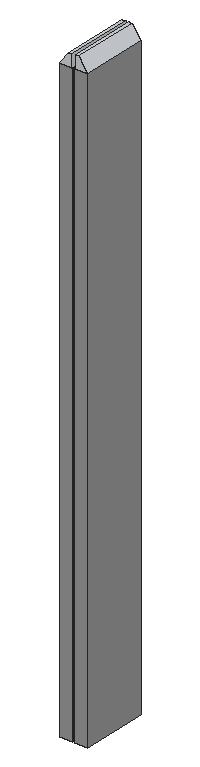
Revit family "Lighting-UrbanLighting-GEWISS-EXTRO-SINGLE_SUPPORT", category Apparecchi per illuminazione, Revit 2019
Family settings
  Quota connettore circolare = Usa diametro
  Tipo di parte = Normale
  Numero OmniClass = 23.80.00.00
  Titolo OmniClass = Electric Power and Lighting
  Basato su piano di lavoro = Sì
  Sempre verticale = Sì
  Taglio con vuoti quando caricato = No
  Sorgente d'illuminazione = No
  Condiviso = No
  Punto di calcolo locali = Sì
Parameters (values of type "GW82292 - EXTRO SINGLE COLUMN H.1300 G.GREY")
  Version file RFA = "20.11"
  URL = "https://www.gewiss.com/ww/en"
  Technical sheet = "https://www.gewiss.com/ww/en/search?q=GW82292"
  Tappo colonna = none
  SIMBOLO [instance] = yes
  SEO = "Column"
  Realized by GEWISS S.p.A. = ""
  Default Elevation = 1219.2 mm
  Produttore = "GEWISS S.p.A."
  Planting recommended = "250MM"
  Planting (m) = "0.25"
  Modello = "GW82292"
  Material = "Extruded aluminium"
  Lunghezza colonna = 140 mm
  Larghezza colonna = 60 mm
  Immagine tipo = GW82259.jpg
  IDT = "edb79119-9e68-4dab-b5a6-da154a75fe80"
  IDF = "fec547e4-50c5-42fa-8bc7-d93a754f0462"
  Height (mm) = "1300"
  Electrocod = "240"
  EAN code = "8011564210387"
  Descrizione = "EXTRO SINGLE COLUMN H.1300 G.GREY"
  Colour = "Graphite grey"
  Colonna = GEWISS - Grigio Graffite
  Catalogue Range = "EXTRO"
  Catalogue = "LIGHTING"
  COBie.Tagnumber = ""
  COBie.CreatedOn = ""
  COBie.CreatebBy = ""
  COBie.ComponentRegisterItemID = ""
  COBie.Component.TagNumber = ""
  COBie.Component.Space = ""
  COBie.Component.SerialNumber = ""
  COBie.Component.InstallationDate = ""
  COBie.Component.Description = ""
  COBie.Component.BarCode = ""
  BIDIMENSIONALE [instance] = not(SIMBOLO)  # no
  Altezza colonna = 1300 mm
Reference planes
  plane 1 "Centro (Fronte/Retro)": y = 0
  plane 2: z = 0
  plane 3 "Centro (Sinistra/Destra)": x = 0
  plane 4: x = -30
  plane 5: x = 30
  plane 6: y = 70
  plane 7: y = -70
  plane 8: z = 1300
  plane 9: x = -3
  plane 10: x = 3
  plane 11: z = 1273.462
  plane 12: y = 68
  plane 13: y = -68
Forms (mm)
  Extrusion 1, solid, material "GEWISS - Grigio Graffite" <- "Colonna"
    sketch origin (17.891, 0, 0) x (1, 0, 0) y (0, 1, 0)
      loop
        line (-47.891, 70) -> (-47.891, -70) -> (-20.891, -70) -> (-20.891, 70) -> (-47.891, 70)
      loop
        line (-14.891, -70) -> (12.109, -70) -> (12.109, 70) -> (-14.891, 70) -> (-14.891, -70)
    from 0 to 1273.462
  Extrusion 2, solid, material <- "Tappo colonna"
    sketch origin (17.903, 0, 836.675) x (1, 0, 0) y (0, 0, 1)
      loop
        line (-27.823, 463.325) -> (-47.903, 436.786) -> (-21.134, 436.786) -> (-21.134, 463.325) -> (-27.823, 463.325)
      loop
        line (-14.432, 463.325) -> (-14.432, 436.786) -> (12.106, 436.786) -> (-7.743, 463.325) -> (-14.432, 463.325)
    from -70 to 70
  Extrusion 3, solid, not visible
    sketch origin (0, 0, 0) x (1, 0, 0) y (0, 0, 1)
      loop
        line (-9.932, 463.325) -> (-30.012, 436.786) -> (-3.243, 436.786) -> (-3.243, 463.325) -> (-9.932, 463.325)
      loop
        line (3.459, 463.325) -> (3.459, 436.786) -> (29.997, 436.786) -> (10.148, 463.325) -> (3.459, 463.325)
    from -99.387 to 99.387
  Extrusion 4, solid
    sketch origin (0, 0, 0) x (1, 0, 0) y (0, 1, 0)
      loop
        line (-3, 68) -> (-3, -68) -> (3, -68) -> (3, 68) -> (-3, 68)
    from 0 to 1273.462
Lines and regions (mm)
  Masking region 1, visible <- "BIDIMENSIONALE"
    outline origin (0, 0, 0) x (1, 0, 0) y (0, 1, 0)
      loop
        line (-30, 70) -> (-30, -70) -> (30.009, -70) -> (30.009, 70) -> (-30, 70)
  Masking region 2
    outline origin (0, 0, 0) x (1, 0, 0) y (0, 0, 1)
      loop
        line (-9.92, 1300) -> (-30, 1273.462) -> (-30, 0) -> (30, 0) -> (30, 1273.474) -> (10.16, 1300) -> (3.471, 1300) -> (3.471, 1273.462) -> (-3.231, 1273.462) -> (-3.231, 1300) -> (-9.92, 1300)
  Masking region 3
    outline origin (0, 0, 0) x (0, 1, 0) y (0, 0, 1)
      loop
        line (-70, 0) -> (70, 0) -> (70, 1300) -> (-70, 1300) -> (-70, 0)
  symbolic lines, visible <- "BIDIMENSIONALE"
    curve 1: line (-30, 70, 0) -> (30.009, 70, 0)
    curve 2: line (-30, -70, 0) -> (-30, 70, 0)
    curve 3: line (30.009, -70, 0) -> (-30, -70, 0)
    curve 4: line (30.009, 70, 0) -> (30.009, -70, 0)
    curve 5: line (-9.92, 70, 0) -> (-9.92, -70, 0)
    curve 6: line (10.16, -70, 0) -> (10.16, 70, 0)
    curve 7: line (3, 70, 0) -> (3, -70, 0)
    curve 8: line (-3, 70, 0) -> (-3, -70, 0)
  symbolic lines
    curve 9: line (-3, 0, 0) -> (-3, 0, 1273.462)
    curve 10: line (3, 0, 1273.462) -> (3, 0, 0)
    curve 11: line (0, -68, 0) -> (0, 70, 0)
    curve 12: line (0, -68, 1273.462) -> (0, -68, 0)
    curve 13: line (0, 70, 1273.462) -> (0, -68, 1273.462)
    curve 14: line (0, -68, 1273.462) -> (0, 70, 1273.462)
Dimensions and locks
  equal spacing: plane 4, plane 3 "Centro (Sinistra/Destra)", plane 5
  equal spacing: plane 6, plane 1 "Centro (Fronte/Retro)", plane 7
  "Larghezza colonna": plane 4 to plane 5
  "Lunghezza colonna": plane 6 to plane 7
  "Altezza colonna": plane 8 to level
  locked: plane 8 to plane 11 at 26.538
  locked: plane 13 to plane 7 at 2
  plane 6 to plane 12 = 2 mm
  aligned and locked: level to plane 2
  aligned and locked: Extrusion 1 sketch curve to plane 6
  aligned and locked: plane 4 to Extrusion 1 sketch curve
  aligned and locked: plane 7 to Extrusion 1 sketch curve
  aligned and locked: Extrusion 1 sketch curve to plane 9
  aligned and locked: Extrusion 1 sketch curve to plane 7
  aligned and locked: Extrusion 1 sketch curve to plane 10
  aligned and locked: plane 6 to Extrusion 1 sketch curve
  aligned and locked: plane 5 to Extrusion 1 sketch curve
  aligned and locked: plane 6 to Extrusion 2
  aligned and locked: Extrusion 2 to plane 7
  aligned and locked: plane 8 to Extrusion 2  (x2)
  aligned and locked: plane 11 to Extrusion 2  (x2)
  aligned and locked: Extrusion 1 to plane 11
  aligned and locked: plane 5 to Extrusion 1
  aligned and locked: plane 4 to Extrusion 1
  aligned and locked: Extrusion 4 sketch curve to plane 10
  aligned and locked: plane 9 to Extrusion 4 sketch curve
  aligned and locked: plane 13 to Extrusion 4 sketch curve
  aligned and locked: Extrusion 4 sketch curve to plane 12
  aligned and locked: Extrusion 1 to Extrusion 4
  aligned and locked: curve 1 to Extrusion 2
  aligned and locked: curve 2 to Extrusion 1
  aligned and locked: curve 3 to Extrusion 2
  aligned and locked: curve 4 to Extrusion 2
  aligned and locked: curve 7 to Extrusion 1
  aligned and locked: curve 8 to Extrusion 4
  aligned and locked: curve 9 to Extrusion 1
  aligned and locked: curve 10 to Extrusion 1
  aligned and locked: curve 11 to Extrusion 4
  aligned and locked: curve 12 to Extrusion 4
  aligned and locked: curve 13 to Extrusion 1
  aligned and locked: Extrusion 2 to curve 14
  aligned and locked: plane 1 "Centro (Fronte/Retro)" to nested 1
  aligned and locked: plane 3 "Centro (Sinistra/Destra)" to nested 1
  aligned and locked: Masking region 1 sketch curve to Extrusion 2  (x3)
  aligned and locked: Masking region 1 sketch curve to Extrusion 1
  aligned and locked: Masking region 2 sketch curve to Extrusion 2  (x2)
  aligned and locked: Masking region 2 sketch curve to Extrusion 4
  aligned and locked: Masking region 2 sketch curve to Extrusion 1  (x3)
  aligned and locked: Masking region 3 sketch curve to Extrusion 1  (x2)
  aligned and locked: plane 8 to Masking region 3 sketch curve
  aligned and locked: plane 6 to Masking region 3 sketch curve
Automatic sketch dimensions
  Extrusion 2 sketch curve to Extrusion 2 sketch curve = 0 mm  (x2)
  Extrusion 2 sketch curve to Extrusion 2 sketch curve = 26.538 mm  (x2)
  Extrusion 2 sketch curve to Extrusion 2 sketch curve = 20.08 mm
  Extrusion 2 sketch curve to Extrusion 2 sketch curve = 6.689 mm  (x2)
  Extrusion 2 sketch curve to Extrusion 2 sketch curve = 6.701 mm
  Extrusion 3 sketch curve to Extrusion 3 sketch curve = 0 mm  (x2)
  Extrusion 3 sketch curve to Extrusion 3 sketch curve = 26.538 mm  (x2)
  Extrusion 3 sketch curve to Extrusion 3 sketch curve = 20.08 mm
  Extrusion 3 sketch curve to Extrusion 3 sketch curve = 6.689 mm  (x2)
  Extrusion 3 sketch curve to Extrusion 3 sketch curve = 6.701 mm
  Extrusion 2 sketch curve to plane 11 = 0 mm
  Extrusion 2 sketch curve to plane 4 = 0 mm
  curve 5 to plane 9 = 6.92 mm
  plane 10 to curve 6 = 7.16 mm
  curve 10 to level = 0 mm
  curve 9 to level = 0 mm
  curve 10 to plane 11 = 0 mm
  curve 9 to plane 11 = 0 mm
  Masking region 2 sketch curve to plane 11 = 0 mm
  Masking region 2 sketch curve to plane 9 = 6.92 mm
  Masking region 2 sketch curve to plane 9 = 0.231 mm
  plane 10 to Masking region 2 sketch curve = 0.471 mm
  Masking region 2 sketch curve to Masking region 2 sketch curve = 6.689 mm
  Masking region 2 sketch curve to plane 11 = 0.012 mm
  curve 13 to plane 6 = 0 mm
  curve 14 to plane 6 = 0 mm
  curve 11 to plane 6 = 0 mm
Nested families
  nested 1: "ACCPIASTRA" at (0, 0, 0), visible <- "SIMBOLO", type "ACCPIASTRA"
Definition of nested family "ACCPIASTRA"
  Reference planes
    plane 1 "Centro (Fronte/Retro)": y = 0
    plane 2: z = 0
    plane 3 "Centro (Sinistra/Destra)": x = 0
  Lines and regions (mm)
    detail lines, in view "Livello rif."
      curve 1: line (-85.401, -52.093, 0) -> (85.401, -52.093, 0)
      curve 2: line (85.401, -52.093, 0) -> (85.401, 52.093, 0)
      curve 3: line (85.401, 52.093, 0) -> (-85.401, 52.093, 0)
      curve 4: line (-85.401, 52.093, 0) -> (-85.401, -52.093, 0)
      curve 5: line (-7.115, 89.747, 0) -> (0, 87.807, 0)
      curve 6: line (0, 87.807, 0) -> (7.644, 89.747, 0)
      curve 7: line (7.644, 89.747, 0) -> (13.23, 95.272, 0)
      curve 8: line (13.23, 95.272, 0) -> (15.288, 102.914, 0)
      curve 9: line (15.288, 102.914, 0) -> (13.23, 110.379, 0)
      curve 10: line (13.23, 110.379, 0) -> (7.759, 115.75, 0)
      curve 11: line (7.759, 115.75, 0) -> (0.173, 117.807, 0)
      curve 12: line (0.173, 117.807, 0) -> (-7.177, 115.868, 0)
      curve 13: line (-7.177, 115.868, 0) -> (-12.763, 110.225, 0)
      curve 14: line (-12.763, 110.225, 0) -> (-14.763, 102.877, 0)
      curve 15: line (-14.763, 102.877, 0) -> (-12.648, 95.396, 0)
      curve 16: line (-12.648, 95.396, 0) -> (-7.115, 89.747, 0)
      curve 17: line (0, 87.807, 0) -> (0, 52.093, 0)
      curve 18: line (-49.046, -26.335, 0) -> (48.897, -26.335, 0)
      curve 19: line (-0.075, -26.335, 0) -> (-0.075, 26.335, 0)
      curve 20: line (-24.56, 26.335, 0) -> (24.411, 26.335, 0)
